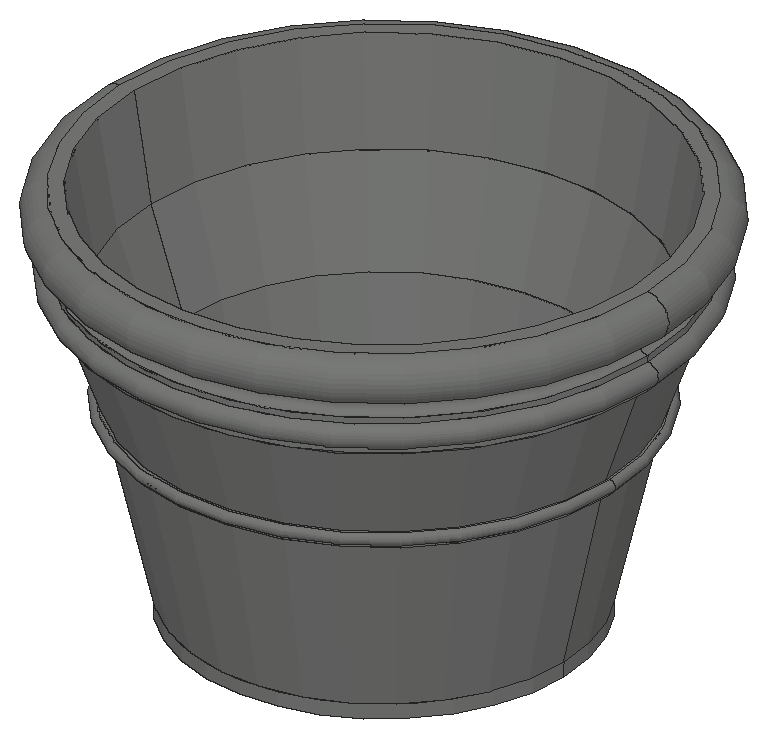
Revit family "Specialty_Equipment-Planter-Planters_Unlimited-Modern-Banded-rev", category Specialty Equipment, Revit 2023
Family settings
  Round Connector Dimension = Use Diameter
  Part Type = Normal
  OmniClass Number = 23.40.05.21.17
  OmniClass Title = Planters
  Work Plane-Based = No
  Enable Cutting in Views = No
  Always vertical = Yes
  Cut with Voids When Loaded = No
  Maintain Annotation Orientation = No
  Shared = No
  Room Calculation Point = No
Parameters (values of type "21.5" Dia x19.5"H")
  URL = "https://www.plantersunlimited.com"
  Type Comments = "Banded Round GFRC Planter"  # constant formula
  Model = "Banded Round GFRC Planter"  # constant formula
  Manufacturer = "Planters Unlimited"  # constant formula
  Description = "Modular Planting Bed"  # constant formula
  Default Elevation = 0' - 0"
  CD_Width = 1' - 9.49606"
  CD_Specification = "https://www.plantersunlimited.com/content/Planters/P44-R.pdf"
  CD_Height = 1' - 2.11319"
  CD_Product Page URL = "https://www.plantersunlimited.com/banded-round-gfrc-planter/"
  CD_Product Name [instance] = "Banded Planter"  # constant formula
  CD_Offset = 0' - 0 1/2"
  CD_Microsite = "https://www.caddetails.com/3404"
  CD_Finish = Saucer
  CD_Created By = "CADdetails LTD. 2025"  # constant formula
  Assembly Code = "G2050600"
Types (11): name | CD_Width | CD_Height
  (no name) | 1' - 9.49606" | 1' - 2.11319"
  21.5" Dia x19.5"H | 1' - 9.49606" | 1' - 2.11319"
  24" Dia x19.5"H | 2' - 0.01575" | 1' - 7.48819"
  24" Dia x24"H | 2' - 0.01575" | 2' - 0.01575"
  27" Dia x24"H | 2' - 2.9685" | 2' - 0.01575"
  31" Dia x25"H | 2' - 6.98425" | 2' - 1"
  33" Dia x15"H | 2' - 8.99213" | 1' - 3"
  36" Dia x29"H | 3' - 0.02362" | 2' - 4.97638"
  36" Dia x39"H | 2' - 11.98425" | 3' - 2.97638"
  36.5" Dia x23"H | 3' - 0.49606" | 1' - 11.0315"
  48" Dia x38"H | 3' - 11.99213" | 3' - 1.99213"
Reference planes (in)
  plane 1 "Center (Front/Back)": y = 0
  plane 2: z = 0
  plane 3 "Center (Left/Right)": x = 0
  plane 4 "Front": y = 0
  plane 5 "Back": y = 0
  plane 6 "Top": z = 14.11319
  plane 7 "Bottom of Bin": z = 0
  plane 8 "Bottom of Planter": z = 0
  plane 9 "Bottom of Bed": z = 0.5
  plane 10: x = -6.81102
  plane 11: x = 6.81102
  plane 12: y = 4.63255
  plane 13: y = -4.63255
  plane 14: x = -10.74803
  plane 15: x = 10.74803
  plane 16 "Center L/DD": z = 7.05659
  plane 17 "Arm_Lip_Ref": z = 10.51782
Forms (in)
  Extrusion 1, solid, material "Saucer" <- "CD_Finish"
    sketch origin (0, 0, 14.11319) x (-1, 0, 0) y (0, -1, 0)
      loop
        circle (0, 0) r 6.81102
    from -14.11319 to -13.61319
  Sweep 2, solid, material "Saucer" <- "CD_Finish"
    path origin (0, 0, 0.5) x (-1, 0, 0) y (0, -1, 0)
      loop
        circle (0, 0) r 10.74803
    profile origin (-10.74803, 0, 0.5) x (-1, 0, 0) y (0, 0, 1)
      loop
        line (-3.19066, 6.55659) -> (-4.72761, 0) -> (-3.93701, 0) -> (-2.40006, 6.55659) -> (-3.19066, 6.55659)
  Sweep 3, solid, material "Saucer" <- "CD_Finish"
    path origin (0, 0, 14.11319) x (-1, 0, 0) y (0, -1, 0)
      loop
        circle (0, 0) r 10.74803
    profile origin (-10.74803, 0, 14.11319) x (1, 0, 0) y (0, 0, 1)
      loop
        arc (0.7874, -1.5748) -> (1.08268, -1.87008) -> (0.7874, -2.16535) r 0.29528
        line (0.7874, -2.16535) -> (0.7874, -2.3622)
        arc (0.7874, -2.3622) -> (0.3937, -2.75591) -> (0.7874, -3.14961) r 0.3937
        line (0.7874, -3.14961) -> (0.7874, -3.34646)
        arc (0.7874, -3.34646) -> (1.00405, -3.41509) -> (1.14243, -3.59537) r 0.37881
        line (1.14243, -3.59537) -> (1.94228, -3.59537) -> (1.31016, 0) -> (0.7874, 0)
        arc (0.7874, 0) -> (0, -0.7874) -> (0.7874, -1.5748) r 0.7874
  Sweep 4, solid, material "Saucer" <- "CD_Finish"
    path origin (0, 0, 7.05659) x (-1, 0, 0) y (0, -1, 0)
      loop
        circle (0, 0) r 8.42543
    profile origin (-8.42543, 0, 7.05659) x (-1, 0, 0) y (0, 0, 1)
      loop
        line (0.10741, 0.19685) -> (-0.0597, 0.19685) -> (-0.11366, -0.40122)
        arc (-0.11366, -0.40122) -> (-0.01425, -0.32497) -> (0.10741, -0.29508) r 0.30527
        line (0.10741, -0.29508) -> (0.10741, -0.19685)
        arc (0.10741, -0.19685) -> (0.30426, 0) -> (0.10741, 0.19685) r 0.19685
  Sweep 5, solid, material "Saucer" <- "CD_Finish"
    path origin (0, 0, 7.05659) x (-1, 0, 0) y (0, -1, 0)
      loop
        circle (0, 0) r 8.42543
    profile origin (-8.42543, 0, 7.05659) x (-1, 0, 0) y (0, 0, 1)
      loop
        line (0.38957, 3.46123) -> (-0.86806, 0) -> (-0.07746, 0) -> (1.18017, 3.46123) -> (0.38957, 3.46123)
Cuts and joins
  joined: Extrusion 1, Sweep 2
Dimensions and locks (in)
  plane 4 "Front" to plane 5 "Back" = 0' - 0"
  equal spacing: plane 4 "Front", plane 1 "Center (Front/Back)", plane 5 "Back"
  locked: plane 7 "Bottom of Bin" to level
  locked: plane 9 "Bottom of Bed" to plane 8 "Bottom of Planter" at 0.5
  equal spacing: plane 11, plane 3 "Center (Left/Right)", plane 10  (x2)
  equal spacing: plane 13, plane 1 "Center (Front/Back)", plane 12
  plane 12 to plane 13 = 0' - 9.26509"
  plane 9 "Bottom of Bed" to level = 0' - 0 1/2"
  equal spacing: plane 15, plane 3 "Center (Left/Right)", plane 14
  "CD_Width": plane 15 to plane 14
  equal spacing: plane 14, plane 3 "Center (Left/Right)", plane 15
  equal spacing: level, plane 16 "Center L/DD", plane 6 "Top"
  locked: plane 15 to plane 11 at 3.93701
  "CD_Height": level to plane 6 "Top"
  locked: plane 10 to plane 14 at 3.93701
  locked: plane 17 "Arm_Lip_Ref" to plane 6 "Top" at 3.59537
  locked: profile plane to Sweep 3 sketch curve at 0.7874  (x2)
  locked: Sweep 3 sketch curve to plane 14 at 0.7874  (x3)
  locked: Sweep 3 sketch curve to profile plane at 1.5748
  Sweep 3 sketch curve to Sweep 3 sketch curve to profile plane = 0' - 0.59055" locked, 0' - 1.5748" locked
  profile plane to Sweep 3 sketch curve = 0' - 0.7874"
  plane 17 "Arm_Lip_Ref" to Sweep 3 sketch curve to Sweep 3 sketch curve = 0' - 0.24891" locked, 0' - 0.19685" locked
  locked: profile plane to Sweep 3 sketch curve at 1.14243
  plane 17 "Arm_Lip_Ref" to Sweep 3 sketch curve = 0' - 0.24891"
  locked: profile plane to Sweep 3 sketch curve at 0.78659
  locked: profile plane to Sweep 3 sketch curve at 1.31016
  locked: Sweep 3 sketch curve to plane 14 at 1.94228
  locked: Sweep 3 to plane 14 at 1.14243
  Sweep 4 sketch curve to Sweep 4 sketch curve to profile plane to Sweep 4 sketch curve = 0' - 0.09823" locked, 0' - 0.19685" locked, 0' - 0.19685" locked
  locked: Sweep 2 sketch curve to plane 14 at 2.40006
  locked: Sweep 5 sketch curve to plane 14 at 2.40006
  locked: Sweep 5 sketch curve to plane 14 at 1.14243
  Sweep 4 sketch curve to Sweep 4 sketch curve to plane 14 = 0' - 0.16711" locked, 0' - 2.21519" locked
  Sweep 4 sketch curve to Sweep 4 sketch curve to plane 14 = 0' - 0.22108" locked, 0' - 2.21519" locked
  "CD_Width": diameter of Sweep 2 sketch curve
  "CD_Width": diameter of Sweep 3 sketch curve
  aligned and locked: level to plane 2
  aligned and locked: Extrusion 1 to plane 9 "Bottom of Bed"
  aligned and locked: Extrusion 1 to level
  aligned and locked: level to plane 8 "Bottom of Planter"
  aligned and locked: Sweep 2 sketch curve to plane 9 "Bottom of Bed"
  aligned and locked: profile plane to Sweep 3 sketch curve
  aligned and locked: Sweep 2 sketch curve to plane 16 "Center L/DD"
  aligned and locked: Sweep 5 sketch curve to plane 17 "Arm_Lip_Ref"
  aligned and locked: Sweep 5 sketch curve to plane 16 "Center L/DD"
  aligned and locked: plane 16 "Center L/DD" to Sweep 2 sketch curve
  aligned and locked: profile plane to Sweep 5 sketch curve
Automatic sketch dimensions
  Extrusion 1 sketch curve to Extrusion 1 sketch curve = 0' - 0"  (x2)
  plane 1 "Center (Front/Back)" to Extrusion 1 sketch curve = 0' - 0"
  Extrusion 1 sketch curve to plane 11 = 0' - 0"
  Extrusion 1 sketch curve to plane 3 "Center (Left/Right)" = 0' - 0"
  Sweep 3 sketch curve to Sweep 3 sketch curve = 0' - 0.3937"
  Sweep 3 sketch curve to Sweep 3 sketch curve = 0' - 0.24891"
  Sweep 4 sketch curve to Sweep 4 sketch curve = 0' - 0"  (x2)
  plane 1 "Center (Front/Back)" to Sweep 4 sketch curve = 0' - 0"
  Sweep 4 sketch curve to plane 3 "Center (Left/Right)" = 0' - 0"
  plane 11 to Sweep 4 sketch curve = 0' - 1.61441"
  Sweep 5 sketch curve to Sweep 5 sketch curve = 0' - 0"  (x2)
  plane 1 "Center (Front/Back)" to Sweep 5 sketch curve = 0' - 0"
  Sweep 5 sketch curve to plane 3 "Center (Left/Right)" = 0' - 0"
  plane 11 to Sweep 5 sketch curve = 0' - 1.61441"
  Sweep 2 sketch curve to Sweep 2 sketch curve = 0' - 0.7906"  (x2)
  profile plane to Sweep 2 sketch curve = 0' - 3.93701"
  profile plane to Sweep 5 sketch curve = 0' - 0.86806"
  Sweep 5 sketch curve to profile plane = 0' - 0.38957"
  Sweep 4 sketch curve to Sweep 4 sketch curve = 0' - 0.01046"
  Sweep 4 sketch curve to Sweep 4 sketch curve = 0' - 0.30509"
  plane 1 "Center (Front/Back)" to Sweep 2 sketch curve = 0' - 0"
  Sweep 2 sketch curve to plane 3 "Center (Left/Right)" = 0' - 0"
  plane 1 "Center (Front/Back)" to Sweep 3 sketch curve = 0' - 0"
  Sweep 3 sketch curve to plane 3 "Center (Left/Right)" = 0' - 0"
